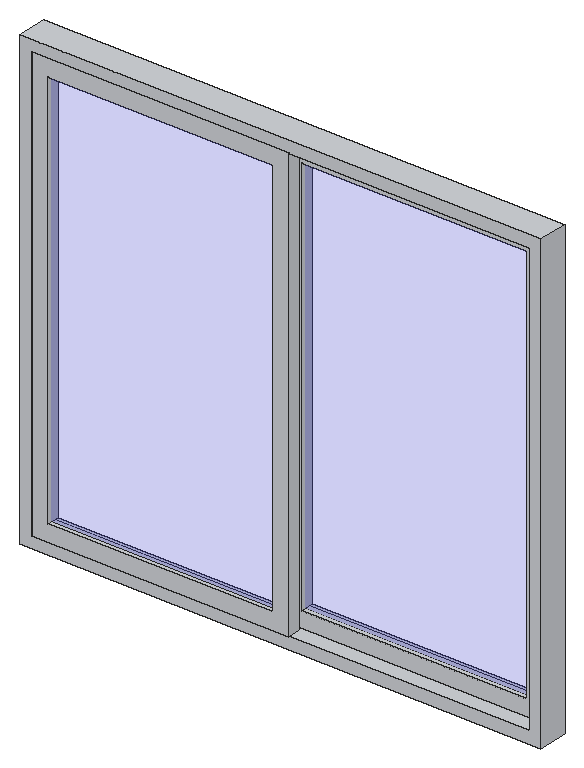
Revit family "Janela de correr - 2 Painéis", category Janelas, Revit 2019
Family settings
  Hospedeiro = Parede
  Número OmniClass = 23.30.20.00
  Título OmniClass = Windows
  Sempre na vertical = Sim
  Corte com vazios quando carregada = Não
  Compartilhado = Não
  Ponto de cálculo do ambiente = Não
Parameters
  Visual Light Transmittance = 0.9
  Solar Heat Gain Coefficient = 0.78
  Rough Width = 1600 mm
  Rough Height = 1400 mm
  Largura da moldura do painel = 50 mm
  Espessura da moldura do painel = 40 mm
  ID do tipo de construção = ""
  Height = Rough Height  # 1400 mm
  Coeficiente de transferência de calor (U) = 3.6886 W/(m²·K)
  Vidro = none
  Largura da estrutura = 35 mm
  Espessura da moldura = 2 * Espessura da moldura do painel + 10 mm  # 90 mm
  Material da moldura = none
  Altura-padrão do peitoril = 650 mm
  Fechamento da parede = Por hospedeiro
  Width = Rough Width  # 1600 mm
  Construção analítica = Vidraça única Pilkington 1/8 pol
Reference planes
  plane 1 "Centro (Frente/Trás)": y = 0
  plane 2 "Centro (Esquerda/Direita)": x = 0
  plane 3 "Esquerda": x = -800
  plane 4 "Direita": x = 800
  plane 5 "Peitoril": z = 650
  plane 6 "Extremidade superior": z = 2050
  plane 7 "Exterior": y = 100
  plane 8 "Interior": y = -100
  plane 9: z = 0
  plane 10: y = -60
  plane 11: y = -50
  plane 12: y = -10
  plane 13: x = -25
  plane 14: x = 25
  plane 15: x = -750
  plane 16: x = 750
  plane 17: z = 2000
  plane 18: z = 700
  plane 19: y = -80
  plane 20: y = -30
  plane 21: x = -765
  plane 22: x = 765
  plane 23: z = 2015
  plane 24: z = 1965
  plane 25: z = 685
  plane 26: z = 735
  plane 27: x = -715
  plane 28: x = 715
  plane 29: z = 1350
  plane 30: x = 400
  plane 31: x = -400
  plane 32: x = 262.5
  plane 33: x = 537.5
  plane 34: through (262.5, 265, 1350) normal (0.5, 0, -0.866)
  plane 35: through (262.5, 265, 1350) normal (-0.5, 0, -0.866)
  plane 36: x = -262.5
  plane 37: x = -537.5
  plane 38: through (-262.5, 265, 1350) normal (0.5, 0, 0.866)
  plane 39: through (-262.5, 265, 1350) normal (-0.5, 0, 0.866)
Forms (mm)
  Extrusion 1, solid, material <- "Vidro", detail levels medium
    sketch origin (-1027.613, -80, 1000) x (-1, 0, 0) y (0, 0, 1)
      loop
        line (-277.613, 1000) -> (-1002.613, 1000) -> (-1002.613, -300) -> (-277.613, -300) -> (-277.613, 1000)
    from -7 to 7
  Extrusion 2, solid, material <- "Vidro", detail levels medium
    sketch origin (-227.286, -30, 1000) x (-1, 0, 0) y (0, 0, 1)
      loop
        line (-252.286, 1000) -> (-977.286, 1000) -> (-977.286, -300) -> (-252.286, -300) -> (-252.286, 1000)
    from -7 to 7
  Extrusion 3, solid, material <- "Vidro", detail levels coarse
    sketch origin (-1027.613, -80, 1000) x (-1, 0, 0) y (0, 0, 1)
      loop
        line (-277.613, 1000) -> (-1002.613, 1000) -> (-1002.613, -300) -> (-277.613, -300) -> (-277.613, 1000)
    from -7 to 7
  Extrusion 4, solid, material <- "Vidro", detail levels coarse
    sketch origin (-227.286, -30, 1000) x (-1, 0, 0) y (0, 0, 1)
      loop
        line (-252.286, 1000) -> (-977.286, 1000) -> (-977.286, -300) -> (-252.286, -300) -> (-252.286, 1000)
    from -7 to 7
  Extrusion 5, solid, material <- "Vidro", detail levels fine
    sketch origin (-1027.613, -80, 1000) x (-1, 0, 0) y (0, 0, 1)
      loop
        line (-312.613, 965) -> (-1002.613, 965) -> (-1002.613, -265) -> (-312.613, -265) -> (-312.613, 965)
    from -7 to 7
  Extrusion 6, solid, material <- "Vidro", detail levels fine
    sketch origin (-227.286, -30, 1000) x (-1, 0, 0) y (0, 0, 1)
      loop
        line (-252.286, 965) -> (-942.286, 965) -> (-942.286, -265) -> (-252.286, -265) -> (-252.286, 965)
    from -7 to 7
  Sweep 7, solid, material <- "Material da moldura", detail levels coarse+medium
    path origin (0, -100, 0) x (1, 0, 0) y (0, 0, 1)
      loop
        line (-800, 2050) -> (-800, 650) -> (25, 650) -> (25, 2050) -> (-800, 2050)
    profile origin (-387.5, -100, 2050) x (0, 0, 1) y (0, -1, 0)
      loop
        line (0, 0) -> (-50, 0) -> (-50, -40) -> (0, -40) -> (0, 0)
  Sweep 8, solid, material <- "Material da moldura", detail levels coarse+medium
    path origin (-1027.613, -10, 1000) x (-1, 0, 0) y (0, 0, 1)
      loop
        line (-1002.613, 1050) -> (-1827.613, 1050) -> (-1827.613, -350) -> (-1002.613, -350) -> (-1002.613, 1050)
    profile origin (387.5, -10, 2050) x (0, 0, -1) y (0, 1, 0)
      loop
        line (0, -40) -> (50, -40) -> (50, 0) -> (0, 0) -> (0, -40)
  Sweep 9, solid, material <- "Material da moldura", detail levels fine
    path origin (0, -100, 0) x (1, 0, 0) y (0, 0, 1)
      loop
        line (-800, 2050) -> (-800, 650) -> (800, 650) -> (800, 2050) -> (-800, 2050)
    profile origin (0, -100, 2050) x (0, 0, 1) y (0, -1, 0)
      loop
        line (0, 0) -> (-35, 0) -> (-35, -90) -> (0, -90) -> (0, 0)
  Sweep 10, solid, material <- "Material da moldura", detail levels fine
    path origin (0, -100, 0) x (1, 0, 0) y (0, 0, 1)
      loop
        line (-765, 2015) -> (-765, 685) -> (25, 685) -> (25, 2015) -> (-765, 2015)
    profile origin (-370, -100, 2015) x (0, 0, 1) y (0, -1, 0)
      loop
        line (0, 0) -> (-50, 0) -> (-50, -40) -> (0, -40) -> (0, 0)
  Sweep 11, solid, material <- "Material da moldura", detail levels fine
    path origin (-1027.613, -10, 1000) x (-1, 0, 0) y (0, 0, 1)
      loop
        line (-1792.613, 1015) -> (-1792.613, -315) -> (-1002.613, -315) -> (-1002.613, 1015) -> (-1792.613, 1015)
    profile origin (370, -10, 2015) x (0, 0, 1) y (0, 1, 0)
      loop
        line (0, 0) -> (-50, 0) -> (-50, -40) -> (0, -40) -> (0, 0)
Lines and regions (mm)
  Opening 1
    outline origin (3500, -100, 0) x (1, 0, 0) y (0, 0, 1)
      loop
        line (-2700, 650) -> (-2700, 2050) -> (-4300, 2050) -> (-4300, 650) -> (-2700, 650)
  symbolic lines, style "Giro da elevação", detail levels coarse+medium
    curve 1: line (-800, -30, 2050) -> (25, -30, 650)
    curve 2: line (25, -30, 2050) -> (-800, -30, 650)
    curve 3: line (25, -30, 2050) -> (800, -30, 650)
    curve 4: line (800, -30, 2050) -> (25, -30, 650)
  symbolic lines, style "Giro da elevação", detail levels fine
    curve 5: line (-765, -30, 2015) -> (25, -30, 685)
    curve 6: line (-765, -30, 685) -> (25, -30, 2015)
    curve 7: line (25, -30, 2015) -> (765, -30, 685)
    curve 8: line (765, -30, 2015) -> (25, -30, 685)
  model lines, style "WindowsGlassProjection", detail levels coarse
    curve 9: line (-750, -80, 2000) -> (-25, -80, 2000)
    curve 10: line (-750, -80, 700) -> (-750, -80, 2000)
    curve 11: line (-25, -80, 700) -> (-750, -80, 700)
    curve 12: line (-25, -80, 2000) -> (-25, -80, 700)
    curve 13: line (750, -30, 2000) -> (25, -30, 2000)
    curve 14: line (750, -30, 700) -> (750, -30, 2000)
    curve 15: line (25, -30, 700) -> (750, -30, 700)
    curve 16: line (25, -30, 2000) -> (25, -30, 700)
  symbolic lines, style "Seta"
    curve 17: line (262.5, -100, 1350) -> (537.5, -100, 1350)
    curve 18: line (262.5, -100, 1350) -> (340.442, -100, 1395)
    curve 19: line (262.5, -100, 1350) -> (340.442, -100, 1305)
    curve 20: line (-262.5, -100, 1350) -> (-537.5, -100, 1350)
    curve 21: line (-262.5, -100, 1350) -> (-340.442, -100, 1395)
    curve 22: line (-262.5, -100, 1350) -> (-340.442, -100, 1305)
Text (mm)
  text "EXTERIOR" at (-1963.203, 1332.353, 0), in view "Nível de referência"
  text "INTERIOR" at (-1981.466, -818.386, 0), in view "Nível de referência"
  text "Externo" at (0, 923.751, 2943.296), in view "Direita"
  text "Externo" at (0, 1040.484, 2685.409), in view "Esquerda"
Dimensions and locks
  equal spacing: plane 3 "Esquerda", plane 2 "Centro (Esquerda/Direita)", plane 4 "Direita"
  "Width": plane 3 "Esquerda" to plane 4 "Direita"
  "Height": plane 5 "Peitoril" to plane 6 "Extremidade superior"
  "Altura-padrão do peitoril": plane 5 "Peitoril" to level
  locked: plane 7 "Exterior" to host wall at 0
  locked: plane 8 "Interior" to host wall
  "Espessura da moldura do painel": plane 12 to plane 11
  "Espessura da moldura do painel": plane 10 to plane 8 "Interior"
  equal spacing: plane 13, plane 2 "Centro (Esquerda/Direita)", plane 14
  "Largura da moldura do painel": plane 13 to plane 14
  "Largura da moldura do painel": plane 3 "Esquerda" to plane 15
  "Largura da moldura do painel": plane 16 to plane 4 "Direita"
  "Largura da moldura do painel": plane 18 to plane 5 "Peitoril"
  "Largura da moldura do painel": plane 6 "Extremidade superior" to plane 17
  equal spacing: plane 12, plane 20, plane 11
  equal spacing: plane 10, plane 19, plane 8 "Interior"
  "Largura da estrutura": plane 3 "Esquerda" to plane 21
  "Largura da estrutura": plane 22 to plane 4 "Direita"
  locked: plane 11 to plane 10 at 10
  "Largura da estrutura": plane 23 to plane 6 "Extremidade superior"
  "Largura da moldura do painel": plane 24 to plane 23
  "Largura da estrutura": plane 5 "Peitoril" to plane 25
  "Largura da moldura do painel": plane 25 to plane 26
  "Largura da moldura do painel": plane 21 to plane 27
  "Largura da moldura do painel": plane 28 to plane 22
  equal spacing: plane 5 "Peitoril", plane 29, plane 6 "Extremidade superior"
  equal spacing: plane 2 "Centro (Esquerda/Direita)", plane 30, plane 4 "Direita"
  equal spacing: plane 3 "Esquerda", plane 31, plane 2 "Centro (Esquerda/Direita)"
  locked: plane 32 to plane 33 at 275
  equal spacing: plane 32, plane 30, plane 33
  locked: curve 18 to curve 19 at 90
  locked: curve 19 to curve 19 at 90
  locked: plane 36 to plane 37 at 275
  equal spacing: plane 36, plane 31, plane 37
  locked: curve 21 to curve 22 at 90
  locked: curve 22 to curve 22 at 90
  locked: plane 34 to plane 29 (angle 30.00°)
  locked: plane 29 to plane 35 (angle 30.00°)
  locked: plane 29 to plane 38 (angle 30.00°)
  locked: plane 39 to plane 29 (angle 30.00°)
  aligned and locked: level to plane 9
  aligned and locked: plane 5 "Peitoril" to curve 1
  aligned and locked: plane 14 to curve 1
  aligned and locked: plane 5 "Peitoril" to curve 3
  aligned and locked: plane 4 "Direita" to curve 3
  aligned and locked: plane 6 "Extremidade superior" to curve 4
  aligned and locked: plane 4 "Direita" to curve 4
  aligned and locked: plane 14 to curve 2
  aligned and locked: plane 6 "Extremidade superior" to curve 2
  aligned and locked: plane 6 "Extremidade superior" to curve 1
  aligned and locked: plane 3 "Esquerda" to curve 1
  aligned and locked: plane 23 to curve 5
  aligned and locked: plane 21 to curve 5
  aligned and locked: plane 25 to curve 6
  aligned and locked: plane 21 to curve 6
  aligned and locked: plane 25 to curve 8
  aligned and locked: plane 14 to curve 8
  aligned and locked: plane 25 to curve 7
  aligned and locked: plane 22 to curve 7
  aligned and locked: plane 23 to curve 8
  aligned and locked: plane 22 to curve 8
  aligned and locked: plane 14 to curve 7
  aligned and locked: plane 23 to curve 7
  aligned and locked: Sweep 7 sketch curve to host wall  (x4)
  aligned and locked: Sweep 7 sketch curve to plane 5 "Peitoril"
  aligned and locked: Sweep 7 sketch curve to plane 14
  aligned and locked: plane 17 to Sweep 7 sketch curve
  aligned and locked: Sweep 7 sketch curve to plane 10
  aligned and locked: Sweep 8 sketch curve to plane 6 "Extremidade superior"
  aligned and locked: Sweep 8 sketch curve to plane 13
  aligned and locked: Sweep 8 sketch curve to host wall  (x2)
  aligned and locked: Sweep 8 sketch curve to profile plane  (x2)
  aligned and locked: plane 11 to Sweep 8 sketch curve
  aligned and locked: plane 17 to Sweep 8 sketch curve
  aligned and locked: Sweep 9 sketch curve to host wall  (x6)
  aligned and locked: plane 23 to Sweep 9 sketch curve
  aligned and locked: Sweep 9 sketch curve to plane 12
  aligned and locked: Sweep 10 sketch curve to Sweep 9  (x4)
  aligned and locked: plane 25 to Sweep 10 sketch curve
  aligned and locked: Sweep 10 sketch curve to plane 14
  aligned and locked: plane 24 to Sweep 10 sketch curve
  aligned and locked: Sweep 10 sketch curve to plane 10
  aligned and locked: Sweep 11 sketch curve to Sweep 9  (x4)
  aligned and locked: plane 25 to Sweep 11 sketch curve
  aligned and locked: Sweep 11 sketch curve to plane 13
  aligned and locked: plane 24 to Sweep 11 sketch curve
  aligned and locked: plane 11 to Sweep 11 sketch curve
  aligned and locked: plane 29 to curve 17
  aligned and locked: curve 19 to plane 35
  aligned and locked: curve 17 to plane 33
  aligned and locked: curve 20 to plane 29
  aligned and locked: curve 22 to plane 39
  aligned and locked: curve 20 to plane 37
Automatic sketch dimensions
  plane 3 "Esquerda" to Opening 1 sketch curve = 0 mm
  plane 4 "Direita" to Opening 1 sketch curve = 0 mm
  Opening 1 sketch curve to plane 5 "Peitoril" = 0 mm
  Opening 1 sketch curve to plane 6 "Extremidade superior" = 0 mm
  Extrusion 1 sketch curve to plane 13 = 0 mm
  Extrusion 1 sketch curve to plane 15 = 0 mm
  Extrusion 1 sketch curve to plane 18 = 0 mm
  Extrusion 1 sketch curve to plane 17 = 0 mm
  Extrusion 2 sketch curve to plane 16 = 0 mm
  Extrusion 2 sketch curve to plane 14 = 0 mm
  Extrusion 2 sketch curve to plane 18 = 0 mm
  Extrusion 2 sketch curve to plane 17 = 0 mm
  plane 38 to curve 21 = 0 mm
  curve 18 to plane 34 = 0 mm
  Extrusion 3 sketch curve to plane 13 = 0 mm
  Extrusion 3 sketch curve to plane 15 = 0 mm
  Extrusion 3 sketch curve to plane 18 = 0 mm
  Extrusion 3 sketch curve to plane 17 = 0 mm
  Extrusion 4 sketch curve to plane 16 = 0 mm
  Extrusion 4 sketch curve to plane 14 = 0 mm
  Extrusion 4 sketch curve to plane 18 = 0 mm
  Extrusion 4 sketch curve to plane 17 = 0 mm
  Extrusion 5 sketch curve to plane 13 = 0 mm
  Extrusion 5 sketch curve to plane 26 = 0 mm
  Extrusion 5 sketch curve to plane 27 = 0 mm
  Extrusion 5 sketch curve to plane 24 = 0 mm
  Extrusion 6 sketch curve to plane 24 = 0 mm
  Extrusion 6 sketch curve to plane 28 = 0 mm
  Extrusion 6 sketch curve to plane 14 = 0 mm
  Extrusion 6 sketch curve to plane 26 = 0 mm
  curve 14 to plane 16 = 0 mm
  curve 15 to plane 14 = 0 mm
  plane 3 "Esquerda" to curve 2 = 0 mm
  curve 3 to plane 5 "Peitoril" = 0 mm
  curve 2 to plane 5 "Peitoril" = 0 mm
  curve 14 to plane 18 = 0 mm
  curve 16 to plane 17 = 0 mm
  curve 9 to plane 13 = 0 mm
  curve 11 to plane 15 = 0 mm
  curve 11 to plane 18 = 0 mm
  curve 10 to plane 17 = 0 mm
  Sweep 11 sketch curve to plane 12 = 40 mm
